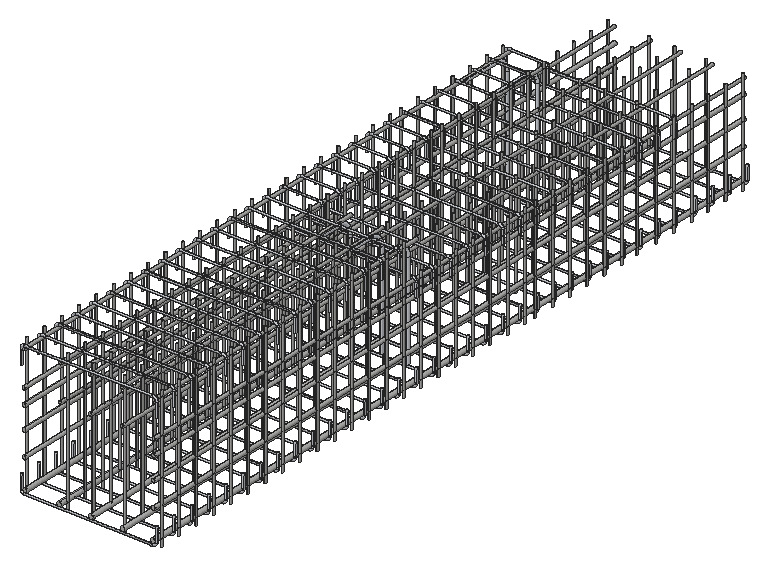
Revit family "261_Каркас пространственный КП4", category Обобщенные модели, Revit 2016 (continued)
Definition of nested family "261_Каркас плоский КР 31"
  Nested families
    nested 12: "361_Арматурная форма 1" at (1545, 500, 0) x (0, 1, 0) z (0, 0, 1), Орг.ИдентификацияЭлемента1 <- "Орг.ИдентификацияЭлемента1", Орг.ИдентификацияЭлемента <- "Орг.ИдентификацияЭлемента", Мрк.МаркаКонструкции <- "Мрк.МаркаКонструкции", Мрк.МаркаИзделия3 <- "Мрк.МаркаИзделия3", Мрк.МаркаИзделия2 <- "Мрк.МаркаИзделия2", Мрк.МаркаИзделия1 <- "Мрк.МаркаИзделия1", Мрк.МаркаИзделия <- "Мрк.МаркаИзделия", Орг.УровеньТекстовый <- "Орг.УровеньТекстовый", Орг.ОбознчТома(Комплекта) <- "Орг.ОбознчТома(Комплекта)", Орг.НомерЛистаЭлемента <- "Орг.НомерЛистаЭлемента", type "Параметрический"
      with Рзм.Длина 970 mm, Рзм.Диаметр 12 mm, Орг.УровеньТекстовый "", Орг.ОбознчТома(Комплекта) "", Орг.НомерЛистаЭлемента "", Орг.ИзделиеТипПодсчета 2, Орг.ИдентификацияЭлемента1 "", Орг.ИдентификацияЭлемента "", Мрк.Обозначение "ГОСТ 5781-82", Мрк.Наименование "Ø12 А240 ГОСТ 5781-82", Мрк.МаркаКонструкции "", Мрк.МаркаИзделия3 "", Мрк.МаркаИзделия2 "", Мрк.МаркаИзделия1 "", Мрк.МаркаИзделия "", Мрк.Марка "5", Арм.РазмерR 0 mm, Арм.РазмерJ 0 mm, Арм.РазмерG 0 mm, Арм.РазмерF 0 mm, Арм.РазмерE 0 mm, Арм.РазмерD 0 mm, Арм.РазмерC 0 mm, Арм.РазмерB 0 mm, Арм.РазмерA 970 mm, Арм.ПогМетрыВкл no, Арм.КоэфНахлеста 1, Арм.Класс 1240
    nested 13: "361_Арматурная форма 1" at (1695, 500, 0) x (0, 1, 0) z (0, 0, 1), Орг.ИдентификацияЭлемента1 <- "Орг.ИдентификацияЭлемента1", Орг.ИдентификацияЭлемента <- "Орг.ИдентификацияЭлемента", Мрк.МаркаКонструкции <- "Мрк.МаркаКонструкции", Мрк.МаркаИзделия3 <- "Мрк.МаркаИзделия3", Мрк.МаркаИзделия2 <- "Мрк.МаркаИзделия2", Мрк.МаркаИзделия1 <- "Мрк.МаркаИзделия1", Мрк.МаркаИзделия <- "Мрк.МаркаИзделия", Орг.УровеньТекстовый <- "Орг.УровеньТекстовый", Орг.ОбознчТома(Комплекта) <- "Орг.ОбознчТома(Комплекта)", Орг.НомерЛистаЭлемента <- "Орг.НомерЛистаЭлемента", type "Параметрический"
      with Рзм.Длина 970 mm, Рзм.Диаметр 12 mm, Орг.УровеньТекстовый "", Орг.ОбознчТома(Комплекта) "", Орг.НомерЛистаЭлемента "", Орг.ИзделиеТипПодсчета 2, Орг.ИдентификацияЭлемента1 "", Орг.ИдентификацияЭлемента "", Мрк.Обозначение "ГОСТ 5781-82", Мрк.Наименование "Ø12 А240 ГОСТ 5781-82", Мрк.МаркаКонструкции "", Мрк.МаркаИзделия3 "", Мрк.МаркаИзделия2 "", Мрк.МаркаИзделия1 "", Мрк.МаркаИзделия "", Мрк.Марка "5", Арм.РазмерR 0 mm, Арм.РазмерJ 0 mm, Арм.РазмерG 0 mm, Арм.РазмерF 0 mm, Арм.РазмерE 0 mm, Арм.РазмерD 0 mm, Арм.РазмерC 0 mm, Арм.РазмерB 0 mm, Арм.РазмерA 970 mm, Арм.ПогМетрыВкл no, Арм.КоэфНахлеста 1, Арм.Класс 1240
    nested 14: "361_Арматурная форма 1" at (1845, 500, 0) x (0, 1, 0) z (0, 0, 1), Орг.ИдентификацияЭлемента1 <- "Орг.ИдентификацияЭлемента1", Орг.ИдентификацияЭлемента <- "Орг.ИдентификацияЭлемента", Мрк.МаркаКонструкции <- "Мрк.МаркаКонструкции", Мрк.МаркаИзделия3 <- "Мрк.МаркаИзделия3", Мрк.МаркаИзделия2 <- "Мрк.МаркаИзделия2", Мрк.МаркаИзделия1 <- "Мрк.МаркаИзделия1", Мрк.МаркаИзделия <- "Мрк.МаркаИзделия", Орг.УровеньТекстовый <- "Орг.УровеньТекстовый", Орг.ОбознчТома(Комплекта) <- "Орг.ОбознчТома(Комплекта)", Орг.НомерЛистаЭлемента <- "Орг.НомерЛистаЭлемента", type "Параметрический"
      with Рзм.Длина 970 mm, Рзм.Диаметр 12 mm, Орг.УровеньТекстовый "", Орг.ОбознчТома(Комплекта) "", Орг.НомерЛистаЭлемента "", Орг.ИзделиеТипПодсчета 2, Орг.ИдентификацияЭлемента1 "", Орг.ИдентификацияЭлемента "", Мрк.Обозначение "ГОСТ 5781-82", Мрк.Наименование "Ø12 А240 ГОСТ 5781-82", Мрк.МаркаКонструкции "", Мрк.МаркаИзделия3 "", Мрк.МаркаИзделия2 "", Мрк.МаркаИзделия1 "", Мрк.МаркаИзделия "", Мрк.Марка "5", Арм.РазмерR 0 mm, Арм.РазмерJ 0 mm, Арм.РазмерG 0 mm, Арм.РазмерF 0 mm, Арм.РазмерE 0 mm, Арм.РазмерD 0 mm, Арм.РазмерC 0 mm, Арм.РазмерB 0 mm, Арм.РазмерA 970 mm, Арм.ПогМетрыВкл no, Арм.КоэфНахлеста 1, Арм.Класс 1240
    nested 15: "361_Арматурная форма 1" at (1995, 500, 0) x (0, 1, 0) z (0, 0, 1), Орг.ИдентификацияЭлемента1 <- "Орг.ИдентификацияЭлемента1", Орг.ИдентификацияЭлемента <- "Орг.ИдентификацияЭлемента", Мрк.МаркаКонструкции <- "Мрк.МаркаКонструкции", Мрк.МаркаИзделия3 <- "Мрк.МаркаИзделия3", Мрк.МаркаИзделия2 <- "Мрк.МаркаИзделия2", Мрк.МаркаИзделия1 <- "Мрк.МаркаИзделия1", Мрк.МаркаИзделия <- "Мрк.МаркаИзделия", Орг.УровеньТекстовый <- "Орг.УровеньТекстовый", Орг.ОбознчТома(Комплекта) <- "Орг.ОбознчТома(Комплекта)", Орг.НомерЛистаЭлемента <- "Орг.НомерЛистаЭлемента", type "Параметрический"
      with Рзм.Длина 970 mm, Рзм.Диаметр 12 mm, Орг.УровеньТекстовый "", Орг.ОбознчТома(Комплекта) "", Орг.НомерЛистаЭлемента "", Орг.ИзделиеТипПодсчета 2, Орг.ИдентификацияЭлемента1 "", Орг.ИдентификацияЭлемента "", Мрк.Обозначение "ГОСТ 5781-82", Мрк.Наименование "Ø12 А240 ГОСТ 5781-82", Мрк.МаркаКонструкции "", Мрк.МаркаИзделия3 "", Мрк.МаркаИзделия2 "", Мрк.МаркаИзделия1 "", Мрк.МаркаИзделия "", Мрк.Марка "5", Арм.РазмерR 0 mm, Арм.РазмерJ 0 mm, Арм.РазмерG 0 mm, Арм.РазмерF 0 mm, Арм.РазмерE 0 mm, Арм.РазмерD 0 mm, Арм.РазмерC 0 mm, Арм.РазмерB 0 mm, Арм.РазмерA 970 mm, Арм.ПогМетрыВкл no, Арм.КоэфНахлеста 1, Арм.Класс 1240
    nested 16: "361_Арматурная форма 1" at (2145, 500, 0) x (0, 1, 0) z (0, 0, 1), Орг.ИдентификацияЭлемента1 <- "Орг.ИдентификацияЭлемента1", Орг.ИдентификацияЭлемента <- "Орг.ИдентификацияЭлемента", Мрк.МаркаКонструкции <- "Мрк.МаркаКонструкции", Мрк.МаркаИзделия3 <- "Мрк.МаркаИзделия3", Мрк.МаркаИзделия2 <- "Мрк.МаркаИзделия2", Мрк.МаркаИзделия1 <- "Мрк.МаркаИзделия1", Мрк.МаркаИзделия <- "Мрк.МаркаИзделия", Орг.УровеньТекстовый <- "Орг.УровеньТекстовый", Орг.ОбознчТома(Комплекта) <- "Орг.ОбознчТома(Комплекта)", Орг.НомерЛистаЭлемента <- "Орг.НомерЛистаЭлемента", type "Параметрический"
      with Рзм.Длина 970 mm, Рзм.Диаметр 12 mm, Орг.УровеньТекстовый "", Орг.ОбознчТома(Комплекта) "", Орг.НомерЛистаЭлемента "", Орг.ИзделиеТипПодсчета 2, Орг.ИдентификацияЭлемента1 "", Орг.ИдентификацияЭлемента "", Мрк.Обозначение "ГОСТ 5781-82", Мрк.Наименование "Ø12 А240 ГОСТ 5781-82", Мрк.МаркаКонструкции "", Мрк.МаркаИзделия3 "", Мрк.МаркаИзделия2 "", Мрк.МаркаИзделия1 "", Мрк.МаркаИзделия "", Мрк.Марка "5", Арм.РазмерR 0 mm, Арм.РазмерJ 0 mm, Арм.РазмерG 0 mm, Арм.РазмерF 0 mm, Арм.РазмерE 0 mm, Арм.РазмерD 0 mm, Арм.РазмерC 0 mm, Арм.РазмерB 0 mm, Арм.РазмерA 970 mm, Арм.ПогМетрыВкл no, Арм.КоэфНахлеста 1, Арм.Класс 1240
    nested 17: "361_Арматурная форма 1" at (2295, 377.5, 0) x (0, 1, 0) z (0, 0, 1), Орг.ИдентификацияЭлемента1 <- "Орг.ИдентификацияЭлемента1", Орг.ИдентификацияЭлемента <- "Орг.ИдентификацияЭлемента", Мрк.МаркаКонструкции <- "Мрк.МаркаКонструкции", Мрк.МаркаИзделия3 <- "Мрк.МаркаИзделия3", Мрк.МаркаИзделия2 <- "Мрк.МаркаИзделия2", Мрк.МаркаИзделия1 <- "Мрк.МаркаИзделия1", Мрк.МаркаИзделия <- "Мрк.МаркаИзделия", Орг.УровеньТекстовый <- "Орг.УровеньТекстовый", Орг.ОбознчТома(Комплекта) <- "Орг.ОбознчТома(Комплекта)", Орг.НомерЛистаЭлемента <- "Орг.НомерЛистаЭлемента", type "Параметрический"
      with Рзм.Длина 725 mm, Рзм.Диаметр 12 mm, Орг.УровеньТекстовый "", Орг.ОбознчТома(Комплекта) "", Орг.НомерЛистаЭлемента "", Орг.ИзделиеТипПодсчета 2, Орг.ИдентификацияЭлемента1 "", Орг.ИдентификацияЭлемента "", Мрк.Обозначение "ГОСТ 5781-82", Мрк.Наименование "Ø12 А240 ГОСТ 5781-82", Мрк.МаркаКонструкции "", Мрк.МаркаИзделия3 "", Мрк.МаркаИзделия2 "", Мрк.МаркаИзделия1 "", Мрк.МаркаИзделия "", Мрк.Марка "6", Арм.РазмерR 0 mm, Арм.РазмерJ 0 mm, Арм.РазмерG 0 mm, Арм.РазмерF 0 mm, Арм.РазмерE 0 mm, Арм.РазмерD 0 mm, Арм.РазмерC 0 mm, Арм.РазмерB 0 mm, Арм.РазмерA 725 mm, Арм.ПогМетрыВкл no, Арм.КоэфНахлеста 1, Арм.Класс 1240
    nested 18: "361_Арматурная форма 1" at (2445, 377.5, 0) x (0, 1, 0) z (0, 0, 1), Орг.ИдентификацияЭлемента1 <- "Орг.ИдентификацияЭлемента1", Орг.ИдентификацияЭлемента <- "Орг.ИдентификацияЭлемента", Мрк.МаркаКонструкции <- "Мрк.МаркаКонструкции", Мрк.МаркаИзделия3 <- "Мрк.МаркаИзделия3", Мрк.МаркаИзделия2 <- "Мрк.МаркаИзделия2", Мрк.МаркаИзделия1 <- "Мрк.МаркаИзделия1", Мрк.МаркаИзделия <- "Мрк.МаркаИзделия", Орг.УровеньТекстовый <- "Орг.УровеньТекстовый", Орг.ОбознчТома(Комплекта) <- "Орг.ОбознчТома(Комплекта)", Орг.НомерЛистаЭлемента <- "Орг.НомерЛистаЭлемента", type "Параметрический"
      with Рзм.Длина 725 mm, Рзм.Диаметр 12 mm, Орг.УровеньТекстовый "", Орг.ОбознчТома(Комплекта) "", Орг.НомерЛистаЭлемента "", Орг.ИзделиеТипПодсчета 2, Орг.ИдентификацияЭлемента1 "", Орг.ИдентификацияЭлемента "", Мрк.Обозначение "ГОСТ 5781-82", Мрк.Наименование "Ø12 А240 ГОСТ 5781-82", Мрк.МаркаКонструкции "", Мрк.МаркаИзделия3 "", Мрк.МаркаИзделия2 "", Мрк.МаркаИзделия1 "", Мрк.МаркаИзделия "", Мрк.Марка "6", Арм.РазмерR 0 mm, Арм.РазмерJ 0 mm, Арм.РазмерG 0 mm, Арм.РазмерF 0 mm, Арм.РазмерE 0 mm, Арм.РазмерD 0 mm, Арм.РазмерC 0 mm, Арм.РазмерB 0 mm, Арм.РазмерA 725 mm, Арм.ПогМетрыВкл no, Арм.КоэфНахлеста 1, Арм.Класс 1240
    nested 19: "361_Арматурная форма 1" at (2595, 377.5, 0) x (0, 1, 0) z (0, 0, 1), Орг.ИдентификацияЭлемента1 <- "Орг.ИдентификацияЭлемента1", Орг.ИдентификацияЭлемента <- "Орг.ИдентификацияЭлемента", Мрк.МаркаКонструкции <- "Мрк.МаркаКонструкции", Мрк.МаркаИзделия3 <- "Мрк.МаркаИзделия3", Мрк.МаркаИзделия2 <- "Мрк.МаркаИзделия2", Мрк.МаркаИзделия1 <- "Мрк.МаркаИзделия1", Мрк.МаркаИзделия <- "Мрк.МаркаИзделия", Орг.УровеньТекстовый <- "Орг.УровеньТекстовый", Орг.ОбознчТома(Комплекта) <- "Орг.ОбознчТома(Комплекта)", Орг.НомерЛистаЭлемента <- "Орг.НомерЛистаЭлемента", type "Параметрический"
      with Рзм.Длина 725 mm, Рзм.Диаметр 12 mm, Орг.УровеньТекстовый "", Орг.ОбознчТома(Комплекта) "", Орг.НомерЛистаЭлемента "", Орг.ИзделиеТипПодсчета 2, Орг.ИдентификацияЭлемента1 "", Орг.ИдентификацияЭлемента "", Мрк.Обозначение "ГОСТ 5781-82", Мрк.Наименование "Ø12 А240 ГОСТ 5781-82", Мрк.МаркаКонструкции "", Мрк.МаркаИзделия3 "", Мрк.МаркаИзделия2 "", Мрк.МаркаИзделия1 "", Мрк.МаркаИзделия "", Мрк.Марка "6", Арм.РазмерR 0 mm, Арм.РазмерJ 0 mm, Арм.РазмерG 0 mm, Арм.РазмерF 0 mm, Арм.РазмерE 0 mm, Арм.РазмерD 0 mm, Арм.РазмерC 0 mm, Арм.РазмерB 0 mm, Арм.РазмерA 725 mm, Арм.ПогМетрыВкл no, Арм.КоэфНахлеста 1, Арм.Класс 1240
    nested 20: "361_Арматурная форма 1" at (2745, 377.5, 0) x (0, 1, 0) z (0, 0, 1), Орг.ИдентификацияЭлемента1 <- "Орг.ИдентификацияЭлемента1", Орг.ИдентификацияЭлемента <- "Орг.ИдентификацияЭлемента", Мрк.МаркаКонструкции <- "Мрк.МаркаКонструкции", Мрк.МаркаИзделия3 <- "Мрк.МаркаИзделия3", Мрк.МаркаИзделия2 <- "Мрк.МаркаИзделия2", Мрк.МаркаИзделия1 <- "Мрк.МаркаИзделия1", Мрк.МаркаИзделия <- "Мрк.МаркаИзделия", Орг.УровеньТекстовый <- "Орг.УровеньТекстовый", Орг.ОбознчТома(Комплекта) <- "Орг.ОбознчТома(Комплекта)", Орг.НомерЛистаЭлемента <- "Орг.НомерЛистаЭлемента", type "Параметрический"
      with Рзм.Длина 725 mm, Рзм.Диаметр 12 mm, Орг.УровеньТекстовый "", Орг.ОбознчТома(Комплекта) "", Орг.НомерЛистаЭлемента "", Орг.ИзделиеТипПодсчета 2, Орг.ИдентификацияЭлемента1 "", Орг.ИдентификацияЭлемента "", Мрк.Обозначение "ГОСТ 5781-82", Мрк.Наименование "Ø12 А240 ГОСТ 5781-82", Мрк.МаркаКонструкции "", Мрк.МаркаИзделия3 "", Мрк.МаркаИзделия2 "", Мрк.МаркаИзделия1 "", Мрк.МаркаИзделия "", Мрк.Марка "6", Арм.РазмерR 0 mm, Арм.РазмерJ 0 mm, Арм.РазмерG 0 mm, Арм.РазмерF 0 mm, Арм.РазмерE 0 mm, Арм.РазмерD 0 mm, Арм.РазмерC 0 mm, Арм.РазмерB 0 mm, Арм.РазмерA 725 mm, Арм.ПогМетрыВкл no, Арм.КоэфНахлеста 1, Арм.Класс 1240
    nested 21: "361_Арматурная форма 1" at (2895, 377.5, 0) x (0, 1, 0) z (0, 0, 1), Орг.ИдентификацияЭлемента1 <- "Орг.ИдентификацияЭлемента1", Орг.ИдентификацияЭлемента <- "Орг.ИдентификацияЭлемента", Мрк.МаркаКонструкции <- "Мрк.МаркаКонструкции", Мрк.МаркаИзделия3 <- "Мрк.МаркаИзделия3", Мрк.МаркаИзделия2 <- "Мрк.МаркаИзделия2", Мрк.МаркаИзделия1 <- "Мрк.МаркаИзделия1", Мрк.МаркаИзделия <- "Мрк.МаркаИзделия", Орг.УровеньТекстовый <- "Орг.УровеньТекстовый", Орг.ОбознчТома(Комплекта) <- "Орг.ОбознчТома(Комплекта)", Орг.НомерЛистаЭлемента <- "Орг.НомерЛистаЭлемента", type "Параметрический"
      with Рзм.Длина 725 mm, Рзм.Диаметр 12 mm, Орг.УровеньТекстовый "", Орг.ОбознчТома(Комплекта) "", Орг.НомерЛистаЭлемента "", Орг.ИзделиеТипПодсчета 2, Орг.ИдентификацияЭлемента1 "", Орг.ИдентификацияЭлемента "", Мрк.Обозначение "ГОСТ 5781-82", Мрк.Наименование "Ø12 А240 ГОСТ 5781-82", Мрк.МаркаКонструкции "", Мрк.МаркаИзделия3 "", Мрк.МаркаИзделия2 "", Мрк.МаркаИзделия1 "", Мрк.МаркаИзделия "", Мрк.Марка "6", Арм.РазмерR 0 mm, Арм.РазмерJ 0 mm, Арм.РазмерG 0 mm, Арм.РазмерF 0 mm, Арм.РазмерE 0 mm, Арм.РазмерD 0 mm, Арм.РазмерC 0 mm, Арм.РазмерB 0 mm, Арм.РазмерA 725 mm, Арм.ПогМетрыВкл no, Арм.КоэфНахлеста 1, Арм.Класс 1240
    nested 22: "361_Арматурная форма 1" at (3045, 377.5, 0) x (0, 1, 0) z (0, 0, 1), Орг.ИдентификацияЭлемента1 <- "Орг.ИдентификацияЭлемента1", Орг.ИдентификацияЭлемента <- "Орг.ИдентификацияЭлемента", Мрк.МаркаКонструкции <- "Мрк.МаркаКонструкции", Мрк.МаркаИзделия3 <- "Мрк.МаркаИзделия3", Мрк.МаркаИзделия2 <- "Мрк.МаркаИзделия2", Мрк.МаркаИзделия1 <- "Мрк.МаркаИзделия1", Мрк.МаркаИзделия <- "Мрк.МаркаИзделия", Орг.УровеньТекстовый <- "Орг.УровеньТекстовый", Орг.ОбознчТома(Комплекта) <- "Орг.ОбознчТома(Комплекта)", Орг.НомерЛистаЭлемента <- "Орг.НомерЛистаЭлемента", type "Параметрический"
      with Рзм.Длина 725 mm, Рзм.Диаметр 12 mm, Орг.УровеньТекстовый "", Орг.ОбознчТома(Комплекта) "", Орг.НомерЛистаЭлемента "", Орг.ИзделиеТипПодсчета 2, Орг.ИдентификацияЭлемента1 "", Орг.ИдентификацияЭлемента "", Мрк.Обозначение "ГОСТ 5781-82", Мрк.Наименование "Ø12 А240 ГОСТ 5781-82", Мрк.МаркаКонструкции "", Мрк.МаркаИзделия3 "", Мрк.МаркаИзделия2 "", Мрк.МаркаИзделия1 "", Мрк.МаркаИзделия "", Мрк.Марка "6", Арм.РазмерR 0 mm, Арм.РазмерJ 0 mm, Арм.РазмерG 0 mm, Арм.РазмерF 0 mm, Арм.РазмерE 0 mm, Арм.РазмерD 0 mm, Арм.РазмерC 0 mm, Арм.РазмерB 0 mm, Арм.РазмерA 725 mm, Арм.ПогМетрыВкл no, Арм.КоэфНахлеста 1, Арм.Класс 1240
    nested 23: "361_Арматурная форма 1" at (3195, 377.5, 0) x (0, 1, 0) z (0, 0, 1), Орг.ИдентификацияЭлемента1 <- "Орг.ИдентификацияЭлемента1", Орг.ИдентификацияЭлемента <- "Орг.ИдентификацияЭлемента", Мрк.МаркаКонструкции <- "Мрк.МаркаКонструкции", Мрк.МаркаИзделия3 <- "Мрк.МаркаИзделия3", Мрк.МаркаИзделия2 <- "Мрк.МаркаИзделия2", Мрк.МаркаИзделия1 <- "Мрк.МаркаИзделия1", Мрк.МаркаИзделия <- "Мрк.МаркаИзделия", Орг.УровеньТекстовый <- "Орг.УровеньТекстовый", Орг.ОбознчТома(Комплекта) <- "Орг.ОбознчТома(Комплекта)", Орг.НомерЛистаЭлемента <- "Орг.НомерЛистаЭлемента", type "Параметрический"
      with Рзм.Длина 725 mm, Рзм.Диаметр 12 mm, Орг.УровеньТекстовый "", Орг.ОбознчТома(Комплекта) "", Орг.НомерЛистаЭлемента "", Орг.ИзделиеТипПодсчета 2, Орг.ИдентификацияЭлемента1 "", Орг.ИдентификацияЭлемента "", Мрк.Обозначение "ГОСТ 5781-82", Мрк.Наименование "Ø12 А240 ГОСТ 5781-82", Мрк.МаркаКонструкции "", Мрк.МаркаИзделия3 "", Мрк.МаркаИзделия2 "", Мрк.МаркаИзделия1 "", Мрк.МаркаИзделия "", Мрк.Марка "6", Арм.РазмерR 0 mm, Арм.РазмерJ 0 mm, Арм.РазмерG 0 mm, Арм.РазмерF 0 mm, Арм.РазмерE 0 mm, Арм.РазмерD 0 mm, Арм.РазмерC 0 mm, Арм.РазмерB 0 mm, Арм.РазмерA 725 mm, Арм.ПогМетрыВкл no, Арм.КоэфНахлеста 1, Арм.Класс 1240
    nested 24: "361_Арматурная форма 1" at (3285, 377.5, 0) x (0, 1, 0) z (0, 0, 1), Орг.ИдентификацияЭлемента1 <- "Орг.ИдентификацияЭлемента1", Орг.ИдентификацияЭлемента <- "Орг.ИдентификацияЭлемента", Мрк.МаркаКонструкции <- "Мрк.МаркаКонструкции", Мрк.МаркаИзделия3 <- "Мрк.МаркаИзделия3", Мрк.МаркаИзделия2 <- "Мрк.МаркаИзделия2", Мрк.МаркаИзделия1 <- "Мрк.МаркаИзделия1", Мрк.МаркаИзделия <- "Мрк.МаркаИзделия", Орг.УровеньТекстовый <- "Орг.УровеньТекстовый", Орг.ОбознчТома(Комплекта) <- "Орг.ОбознчТома(Комплекта)", Орг.НомерЛистаЭлемента <- "Орг.НомерЛистаЭлемента", type "Параметрический"
      with Рзм.Длина 725 mm, Рзм.Диаметр 12 mm, Орг.УровеньТекстовый "", Орг.ОбознчТома(Комплекта) "", Орг.НомерЛистаЭлемента "", Орг.ИзделиеТипПодсчета 2, Орг.ИдентификацияЭлемента1 "", Орг.ИдентификацияЭлемента "", Мрк.Обозначение "ГОСТ 5781-82", Мрк.Наименование "Ø12 А240 ГОСТ 5781-82", Мрк.МаркаКонструкции "", Мрк.МаркаИзделия3 "", Мрк.МаркаИзделия2 "", Мрк.МаркаИзделия1 "", Мрк.МаркаИзделия "", Мрк.Марка "6", Арм.РазмерR 0 mm, Арм.РазмерJ 0 mm, Арм.РазмерG 0 mm, Арм.РазмерF 0 mm, Арм.РазмерE 0 mm, Арм.РазмерD 0 mm, Арм.РазмерC 0 mm, Арм.РазмерB 0 mm, Арм.РазмерA 725 mm, Арм.ПогМетрыВкл no, Арм.КоэфНахлеста 1, Арм.Класс 1240
    nested 25: "361_Арматурная форма 1" at (3435, 377.5, 0) x (0, 1, 0) z (0, 0, 1), Орг.ИдентификацияЭлемента1 <- "Орг.ИдентификацияЭлемента1", Орг.ИдентификацияЭлемента <- "Орг.ИдентификацияЭлемента", Мрк.МаркаКонструкции <- "Мрк.МаркаКонструкции", Мрк.МаркаИзделия3 <- "Мрк.МаркаИзделия3", Мрк.МаркаИзделия2 <- "Мрк.МаркаИзделия2", Мрк.МаркаИзделия1 <- "Мрк.МаркаИзделия1", Мрк.МаркаИзделия <- "Мрк.МаркаИзделия", Орг.УровеньТекстовый <- "Орг.УровеньТекстовый", Орг.ОбознчТома(Комплекта) <- "Орг.ОбознчТома(Комплекта)", Орг.НомерЛистаЭлемента <- "Орг.НомерЛистаЭлемента", type "Параметрический"
      with Рзм.Длина 725 mm, Рзм.Диаметр 12 mm, Орг.УровеньТекстовый "", Орг.ОбознчТома(Комплекта) "", Орг.НомерЛистаЭлемента "", Орг.ИзделиеТипПодсчета 2, Орг.ИдентификацияЭлемента1 "", Орг.ИдентификацияЭлемента "", Мрк.Обозначение "ГОСТ 5781-82", Мрк.Наименование "Ø12 А240 ГОСТ 5781-82", Мрк.МаркаКонструкции "", Мрк.МаркаИзделия3 "", Мрк.МаркаИзделия2 "", Мрк.МаркаИзделия1 "", Мрк.МаркаИзделия "", Мрк.Марка "6", Арм.РазмерR 0 mm, Арм.РазмерJ 0 mm, Арм.РазмерG 0 mm, Арм.РазмерF 0 mm, Арм.РазмерE 0 mm, Арм.РазмерD 0 mm, Арм.РазмерC 0 mm, Арм.РазмерB 0 mm, Арм.РазмерA 725 mm, Арм.ПогМетрыВкл no, Арм.КоэфНахлеста 1, Арм.Класс 1240
    nested 26: "361_Арматурная форма 1" at (3585, 377.5, 0) x (0, 1, 0) z (0, 0, 1), Орг.ИдентификацияЭлемента1 <- "Орг.ИдентификацияЭлемента1", Орг.ИдентификацияЭлемента <- "Орг.ИдентификацияЭлемента", Мрк.МаркаКонструкции <- "Мрк.МаркаКонструкции", Мрк.МаркаИзделия3 <- "Мрк.МаркаИзделия3", Мрк.МаркаИзделия2 <- "Мрк.МаркаИзделия2", Мрк.МаркаИзделия1 <- "Мрк.МаркаИзделия1", Мрк.МаркаИзделия <- "Мрк.МаркаИзделия", Орг.УровеньТекстовый <- "Орг.УровеньТекстовый", Орг.ОбознчТома(Комплекта) <- "Орг.ОбознчТома(Комплекта)", Орг.НомерЛистаЭлемента <- "Орг.НомерЛистаЭлемента", type "Параметрический"
      with Рзм.Длина 725 mm, Рзм.Диаметр 12 mm, Орг.УровеньТекстовый "", Орг.ОбознчТома(Комплекта) "", Орг.НомерЛистаЭлемента "", Орг.ИзделиеТипПодсчета 2, Орг.ИдентификацияЭлемента1 "", Орг.ИдентификацияЭлемента "", Мрк.Обозначение "ГОСТ 5781-82", Мрк.Наименование "Ø12 А240 ГОСТ 5781-82", Мрк.МаркаКонструкции "", Мрк.МаркаИзделия3 "", Мрк.МаркаИзделия2 "", Мрк.МаркаИзделия1 "", Мрк.МаркаИзделия "", Мрк.Марка "6", Арм.РазмерR 0 mm, Арм.РазмерJ 0 mm, Арм.РазмерG 0 mm, Арм.РазмерF 0 mm, Арм.РазмерE 0 mm, Арм.РазмерD 0 mm, Арм.РазмерC 0 mm, Арм.РазмерB 0 mm, Арм.РазмерA 725 mm, Арм.ПогМетрыВкл no, Арм.КоэфНахлеста 1, Арм.Класс 1240
    nested 27: "361_Арматурная форма 1" at (3735, 377.5, 0) x (0, 1, 0) z (0, 0, 1), Орг.ИдентификацияЭлемента1 <- "Орг.ИдентификацияЭлемента1", Орг.ИдентификацияЭлемента <- "Орг.ИдентификацияЭлемента", Мрк.МаркаКонструкции <- "Мрк.МаркаКонструкции", Мрк.МаркаИзделия3 <- "Мрк.МаркаИзделия3", Мрк.МаркаИзделия2 <- "Мрк.МаркаИзделия2", Мрк.МаркаИзделия1 <- "Мрк.МаркаИзделия1", Мрк.МаркаИзделия <- "Мрк.МаркаИзделия", Орг.УровеньТекстовый <- "Орг.УровеньТекстовый", Орг.ОбознчТома(Комплекта) <- "Орг.ОбознчТома(Комплекта)", Орг.НомерЛистаЭлемента <- "Орг.НомерЛистаЭлемента", type "Параметрический"
      with Рзм.Длина 725 mm, Рзм.Диаметр 12 mm, Орг.УровеньТекстовый "", Орг.ОбознчТома(Комплекта) "", Орг.НомерЛистаЭлемента "", Орг.ИзделиеТипПодсчета 2, Орг.ИдентификацияЭлемента1 "", Орг.ИдентификацияЭлемента "", Мрк.Обозначение "ГОСТ 5781-82", Мрк.Наименование "Ø12 А240 ГОСТ 5781-82", Мрк.МаркаКонструкции "", Мрк.МаркаИзделия3 "", Мрк.МаркаИзделия2 "", Мрк.МаркаИзделия1 "", Мрк.МаркаИзделия "", Мрк.Марка "6", Арм.РазмерR 0 mm, Арм.РазмерJ 0 mm, Арм.РазмерG 0 mm, Арм.РазмерF 0 mm, Арм.РазмерE 0 mm, Арм.РазмерD 0 mm, Арм.РазмерC 0 mm, Арм.РазмерB 0 mm, Арм.РазмерA 725 mm, Арм.ПогМетрыВкл no, Арм.КоэфНахлеста 1, Арм.Класс 1240
    nested 28: "361_Арматурная форма 1" at (3885, 377.5, 0) x (0, 1, 0) z (0, 0, 1), Орг.ИдентификацияЭлемента1 <- "Орг.ИдентификацияЭлемента1", Орг.ИдентификацияЭлемента <- "Орг.ИдентификацияЭлемента", Мрк.МаркаКонструкции <- "Мрк.МаркаКонструкции", Мрк.МаркаИзделия3 <- "Мрк.МаркаИзделия3", Мрк.МаркаИзделия2 <- "Мрк.МаркаИзделия2", Мрк.МаркаИзделия1 <- "Мрк.МаркаИзделия1", Мрк.МаркаИзделия <- "Мрк.МаркаИзделия", Орг.УровеньТекстовый <- "Орг.УровеньТекстовый", Орг.ОбознчТома(Комплекта) <- "Орг.ОбознчТома(Комплекта)", Орг.НомерЛистаЭлемента <- "Орг.НомерЛистаЭлемента", type "Параметрический"
      with Рзм.Длина 725 mm, Рзм.Диаметр 12 mm, Орг.УровеньТекстовый "", Орг.ОбознчТома(Комплекта) "", Орг.НомерЛистаЭлемента "", Орг.ИзделиеТипПодсчета 2, Орг.ИдентификацияЭлемента1 "", Орг.ИдентификацияЭлемента "", Мрк.Обозначение "ГОСТ 5781-82", Мрк.Наименование "Ø12 А240 ГОСТ 5781-82", Мрк.МаркаКонструкции "", Мрк.МаркаИзделия3 "", Мрк.МаркаИзделия2 "", Мрк.МаркаИзделия1 "", Мрк.МаркаИзделия "", Мрк.Марка "6", Арм.РазмерR 0 mm, Арм.РазмерJ 0 mm, Арм.РазмерG 0 mm, Арм.РазмерF 0 mm, Арм.РазмерE 0 mm, Арм.РазмерD 0 mm, Арм.РазмерC 0 mm, Арм.РазмерB 0 mm, Арм.РазмерA 725 mm, Арм.ПогМетрыВкл no, Арм.КоэфНахлеста 1, Арм.Класс 1240
    nested 29: "361_Арматурная форма 1" at (4035, 377.5, 0) x (0, 1, 0) z (0, 0, 1), Орг.ИдентификацияЭлемента1 <- "Орг.ИдентификацияЭлемента1", Орг.ИдентификацияЭлемента <- "Орг.ИдентификацияЭлемента", Мрк.МаркаКонструкции <- "Мрк.МаркаКонструкции", Мрк.МаркаИзделия3 <- "Мрк.МаркаИзделия3", Мрк.МаркаИзделия2 <- "Мрк.МаркаИзделия2", Мрк.МаркаИзделия1 <- "Мрк.МаркаИзделия1", Мрк.МаркаИзделия <- "Мрк.МаркаИзделия", Орг.УровеньТекстовый <- "Орг.УровеньТекстовый", Орг.ОбознчТома(Комплекта) <- "Орг.ОбознчТома(Комплекта)", Орг.НомерЛистаЭлемента <- "Орг.НомерЛистаЭлемента", type "Параметрический"
      with Рзм.Длина 725 mm, Рзм.Диаметр 12 mm, Орг.УровеньТекстовый "", Орг.ОбознчТома(Комплекта) "", Орг.НомерЛистаЭлемента "", Орг.ИзделиеТипПодсчета 2, Орг.ИдентификацияЭлемента1 "", Орг.ИдентификацияЭлемента "", Мрк.Обозначение "ГОСТ 5781-82", Мрк.Наименование "Ø12 А240 ГОСТ 5781-82", Мрк.МаркаКонструкции "", Мрк.МаркаИзделия3 "", Мрк.МаркаИзделия2 "", Мрк.МаркаИзделия1 "", Мрк.МаркаИзделия "", Мрк.Марка "6", Арм.РазмерR 0 mm, Арм.РазмерJ 0 mm, Арм.РазмерG 0 mm, Арм.РазмерF 0 mm, Арм.РазмерE 0 mm, Арм.РазмерD 0 mm, Арм.РазмерC 0 mm, Арм.РазмерB 0 mm, Арм.РазмерA 725 mm, Арм.ПогМетрыВкл no, Арм.КоэфНахлеста 1, Арм.Класс 1240
    nested 30: "361_Арматурная форма 1" at (4170, 377.5, 0) x (0, 1, 0) z (0, 0, 1), Орг.ИдентификацияЭлемента1 <- "Орг.ИдентификацияЭлемента1", Орг.ИдентификацияЭлемента <- "Орг.ИдентификацияЭлемента", Мрк.МаркаКонструкции <- "Мрк.МаркаКонструкции", Мрк.МаркаИзделия3 <- "Мрк.МаркаИзделия3", Мрк.МаркаИзделия2 <- "Мрк.МаркаИзделия2", Мрк.МаркаИзделия1 <- "Мрк.МаркаИзделия1", Мрк.МаркаИзделия <- "Мрк.МаркаИзделия", Орг.УровеньТекстовый <- "Орг.УровеньТекстовый", Орг.ОбознчТома(Комплекта) <- "Орг.ОбознчТома(Комплекта)", Орг.НомерЛистаЭлемента <- "Орг.НомерЛистаЭлемента", type "Параметрический"
      with Рзм.Длина 725 mm, Рзм.Диаметр 12 mm, Орг.УровеньТекстовый "", Орг.ОбознчТома(Комплекта) "", Орг.НомерЛистаЭлемента "", Орг.ИзделиеТипПодсчета 2, Орг.ИдентификацияЭлемента1 "", Орг.ИдентификацияЭлемента "", Мрк.Обозначение "ГОСТ 5781-82", Мрк.Наименование "Ø12 А240 ГОСТ 5781-82", Мрк.МаркаКонструкции "", Мрк.МаркаИзделия3 "", Мрк.МаркаИзделия2 "", Мрк.МаркаИзделия1 "", Мрк.МаркаИзделия "", Мрк.Марка "6", Арм.РазмерR 0 mm, Арм.РазмерJ 0 mm, Арм.РазмерG 0 mm, Арм.РазмерF 0 mm, Арм.РазмерE 0 mm, Арм.РазмерD 0 mm, Арм.РазмерC 0 mm, Арм.РазмерB 0 mm, Арм.РазмерA 725 mm, Арм.ПогМетрыВкл no, Арм.КоэфНахлеста 1, Арм.Класс 1240
    nested 31: "361_Арматурная форма 1" at (4335, 377.5, 0) x (0, 1, 0) z (0, 0, 1), Орг.ИдентификацияЭлемента1 <- "Орг.ИдентификацияЭлемента1", Орг.ИдентификацияЭлемента <- "Орг.ИдентификацияЭлемента", Мрк.МаркаКонструкции <- "Мрк.МаркаКонструкции", Мрк.МаркаИзделия3 <- "Мрк.МаркаИзделия3", Мрк.МаркаИзделия2 <- "Мрк.МаркаИзделия2", Мрк.МаркаИзделия1 <- "Мрк.МаркаИзделия1", Мрк.МаркаИзделия <- "Мрк.МаркаИзделия", Орг.УровеньТекстовый <- "Орг.УровеньТекстовый", Орг.ОбознчТома(Комплекта) <- "Орг.ОбознчТома(Комплекта)", Орг.НомерЛистаЭлемента <- "Орг.НомерЛистаЭлемента", type "Параметрический"
      with Рзм.Длина 725 mm, Рзм.Диаметр 12 mm, Орг.УровеньТекстовый "", Орг.ОбознчТома(Комплекта) "", Орг.НомерЛистаЭлемента "", Орг.ИзделиеТипПодсчета 2, Орг.ИдентификацияЭлемента1 "", Орг.ИдентификацияЭлемента "", Мрк.Обозначение "ГОСТ 5781-82", Мрк.Наименование "Ø12 А240 ГОСТ 5781-82", Мрк.МаркаКонструкции "", Мрк.МаркаИзделия3 "", Мрк.МаркаИзделия2 "", Мрк.МаркаИзделия1 "", Мрк.МаркаИзделия "", Мрк.Марка "6", Арм.РазмерR 0 mm, Арм.РазмерJ 0 mm, Арм.РазмерG 0 mm, Арм.РазмерF 0 mm, Арм.РазмерE 0 mm, Арм.РазмерD 0 mm, Арм.РазмерC 0 mm, Арм.РазмерB 0 mm, Арм.РазмерA 725 mm, Арм.ПогМетрыВкл no, Арм.КоэфНахлеста 1, Арм.Класс 1240
    nested 32: "361_Арматурная форма 1" at (4485, 377.5, 0) x (0, 1, 0) z (0, 0, 1), Орг.ИдентификацияЭлемента1 <- "Орг.ИдентификацияЭлемента1", Орг.ИдентификацияЭлемента <- "Орг.ИдентификацияЭлемента", Мрк.МаркаКонструкции <- "Мрк.МаркаКонструкции", Мрк.МаркаИзделия3 <- "Мрк.МаркаИзделия3", Мрк.МаркаИзделия2 <- "Мрк.МаркаИзделия2", Мрк.МаркаИзделия1 <- "Мрк.МаркаИзделия1", Мрк.МаркаИзделия <- "Мрк.МаркаИзделия", Орг.УровеньТекстовый <- "Орг.УровеньТекстовый", Орг.ОбознчТома(Комплекта) <- "Орг.ОбознчТома(Комплекта)", Орг.НомерЛистаЭлемента <- "Орг.НомерЛистаЭлемента", type "Параметрический"
      with Рзм.Длина 725 mm, Рзм.Диаметр 12 mm, Орг.УровеньТекстовый "", Орг.ОбознчТома(Комплекта) "", Орг.НомерЛистаЭлемента "", Орг.ИзделиеТипПодсчета 2, Орг.ИдентификацияЭлемента1 "", Орг.ИдентификацияЭлемента "", Мрк.Обозначение "ГОСТ 5781-82", Мрк.Наименование "Ø12 А240 ГОСТ 5781-82", Мрк.МаркаКонструкции "", Мрк.МаркаИзделия3 "", Мрк.МаркаИзделия2 "", Мрк.МаркаИзделия1 "", Мрк.МаркаИзделия "", Мрк.Марка "6", Арм.РазмерR 0 mm, Арм.РазмерJ 0 mm, Арм.РазмерG 0 mm, Арм.РазмерF 0 mm, Арм.РазмерE 0 mm, Арм.РазмерD 0 mm, Арм.РазмерC 0 mm, Арм.РазмерB 0 mm, Арм.РазмерA 725 mm, Арм.ПогМетрыВкл no, Арм.КоэфНахлеста 1, Арм.Класс 1240
    nested 33: "361_Арматурная форма 1" at (4645, 377.5, 0) x (0, 1, 0) z (0, 0, 1), Орг.ИдентификацияЭлемента1 <- "Орг.ИдентификацияЭлемента1", Орг.ИдентификацияЭлемента <- "Орг.ИдентификацияЭлемента", Мрк.МаркаКонструкции <- "Мрк.МаркаКонструкции", Мрк.МаркаИзделия3 <- "Мрк.МаркаИзделия3", Мрк.МаркаИзделия2 <- "Мрк.МаркаИзделия2", Мрк.МаркаИзделия1 <- "Мрк.МаркаИзделия1", Мрк.МаркаИзделия <- "Мрк.МаркаИзделия", Орг.УровеньТекстовый <- "Орг.УровеньТекстовый", Орг.ОбознчТома(Комплекта) <- "Орг.ОбознчТома(Комплекта)", Орг.НомерЛистаЭлемента <- "Орг.НомерЛистаЭлемента", type "Параметрический"
      with Рзм.Длина 725 mm, Рзм.Диаметр 12 mm, Орг.УровеньТекстовый "", Орг.ОбознчТома(Комплекта) "", Орг.НомерЛистаЭлемента "", Орг.ИзделиеТипПодсчета 2, Орг.ИдентификацияЭлемента1 "", Орг.ИдентификацияЭлемента "", Мрк.Обозначение "ГОСТ 5781-82", Мрк.Наименование "Ø12 А240 ГОСТ 5781-82", Мрк.МаркаКонструкции "", Мрк.МаркаИзделия3 "", Мрк.МаркаИзделия2 "", Мрк.МаркаИзделия1 "", Мрк.МаркаИзделия "", Мрк.Марка "6", Арм.РазмерR 0 mm, Арм.РазмерJ 0 mm, Арм.РазмерG 0 mm, Арм.РазмерF 0 mm, Арм.РазмерE 0 mm, Арм.РазмерD 0 mm, Арм.РазмерC 0 mm, Арм.РазмерB 0 mm, Арм.РазмерA 725 mm, Арм.ПогМетрыВкл no, Арм.КоэфНахлеста 1, Арм.Класс 1240
    nested 34: "361_Арматурная форма 1" at (4785, 377.5, 0) x (0, 1, 0) z (0, 0, 1), Орг.ИдентификацияЭлемента1 <- "Орг.ИдентификацияЭлемента1", Орг.ИдентификацияЭлемента <- "Орг.ИдентификацияЭлемента", Мрк.МаркаКонструкции <- "Мрк.МаркаКонструкции", Мрк.МаркаИзделия3 <- "Мрк.МаркаИзделия3", Мрк.МаркаИзделия2 <- "Мрк.МаркаИзделия2", Мрк.МаркаИзделия1 <- "Мрк.МаркаИзделия1", Мрк.МаркаИзделия <- "Мрк.МаркаИзделия", Орг.УровеньТекстовый <- "Орг.УровеньТекстовый", Орг.ОбознчТома(Комплекта) <- "Орг.ОбознчТома(Комплекта)", Орг.НомерЛистаЭлемента <- "Орг.НомерЛистаЭлемента", type "Параметрический"
      with Рзм.Длина 725 mm, Рзм.Диаметр 12 mm, Орг.УровеньТекстовый "", Орг.ОбознчТома(Комплекта) "", Орг.НомерЛистаЭлемента "", Орг.ИзделиеТипПодсчета 2, Орг.ИдентификацияЭлемента1 "", Орг.ИдентификацияЭлемента "", Мрк.Обозначение "ГОСТ 5781-82", Мрк.Наименование "Ø12 А240 ГОСТ 5781-82", Мрк.МаркаКонструкции "", Мрк.МаркаИзделия3 "", Мрк.МаркаИзделия2 "", Мрк.МаркаИзделия1 "", Мрк.МаркаИзделия "", Мрк.Марка "6", Арм.РазмерR 0 mm, Арм.РазмерJ 0 mm, Арм.РазмерG 0 mm, Арм.РазмерF 0 mm, Арм.РазмерE 0 mm, Арм.РазмерD 0 mm, Арм.РазмерC 0 mm, Арм.РазмерB 0 mm, Арм.РазмерA 725 mm, Арм.ПогМетрыВкл no, Арм.КоэфНахлеста 1, Арм.Класс 1240
    nested 35: "361_Арматурная форма 1" at (4935, 377.5, 0) x (0, 1, 0) z (0, 0, 1), Орг.ИдентификацияЭлемента1 <- "Орг.ИдентификацияЭлемента1", Орг.ИдентификацияЭлемента <- "Орг.ИдентификацияЭлемента", Мрк.МаркаКонструкции <- "Мрк.МаркаКонструкции", Мрк.МаркаИзделия3 <- "Мрк.МаркаИзделия3", Мрк.МаркаИзделия2 <- "Мрк.МаркаИзделия2", Мрк.МаркаИзделия1 <- "Мрк.МаркаИзделия1", Мрк.МаркаИзделия <- "Мрк.МаркаИзделия", Орг.УровеньТекстовый <- "Орг.УровеньТекстовый", Орг.ОбознчТома(Комплекта) <- "Орг.ОбознчТома(Комплекта)", Орг.НомерЛистаЭлемента <- "Орг.НомерЛистаЭлемента", type "Параметрический"
      with Рзм.Длина 725 mm, Рзм.Диаметр 12 mm, Орг.УровеньТекстовый "", Орг.ОбознчТома(Комплекта) "", Орг.НомерЛистаЭлемента "", Орг.ИзделиеТипПодсчета 2, Орг.ИдентификацияЭлемента1 "", Орг.ИдентификацияЭлемента "", Мрк.Обозначение "ГОСТ 5781-82", Мрк.Наименование "Ø12 А240 ГОСТ 5781-82", Мрк.МаркаКонструкции "", Мрк.МаркаИзделия3 "", Мрк.МаркаИзделия2 "", Мрк.МаркаИзделия1 "", Мрк.МаркаИзделия "", Мрк.Марка "6", Арм.РазмерR 0 mm, Арм.РазмерJ 0 mm, Арм.РазмерG 0 mm, Арм.РазмерF 0 mm, Арм.РазмерE 0 mm, Арм.РазмерD 0 mm, Арм.РазмерC 0 mm, Арм.РазмерB 0 mm, Арм.РазмерA 725 mm, Арм.ПогМетрыВкл no, Арм.КоэфНахлеста 1, Арм.Класс 1240
    nested 36: "361_Арматурная форма 1" at (5085, 377.5, 0) x (0, 1, 0) z (0, 0, 1), Орг.ИдентификацияЭлемента1 <- "Орг.ИдентификацияЭлемента1", Орг.ИдентификацияЭлемента <- "Орг.ИдентификацияЭлемента", Мрк.МаркаКонструкции <- "Мрк.МаркаКонструкции", Мрк.МаркаИзделия3 <- "Мрк.МаркаИзделия3", Мрк.МаркаИзделия2 <- "Мрк.МаркаИзделия2", Мрк.МаркаИзделия1 <- "Мрк.МаркаИзделия1", Мрк.МаркаИзделия <- "Мрк.МаркаИзделия", Орг.УровеньТекстовый <- "Орг.УровеньТекстовый", Орг.ОбознчТома(Комплекта) <- "Орг.ОбознчТома(Комплекта)", Орг.НомерЛистаЭлемента <- "Орг.НомерЛистаЭлемента", type "Параметрический"
      with Рзм.Длина 725 mm, Рзм.Диаметр 12 mm, Орг.УровеньТекстовый "", Орг.ОбознчТома(Комплекта) "", Орг.НомерЛистаЭлемента "", Орг.ИзделиеТипПодсчета 2, Орг.ИдентификацияЭлемента1 "", Орг.ИдентификацияЭлемента "", Мрк.Обозначение "ГОСТ 5781-82", Мрк.Наименование "Ø12 А240 ГОСТ 5781-82", Мрк.МаркаКонструкции "", Мрк.МаркаИзделия3 "", Мрк.МаркаИзделия2 "", Мрк.МаркаИзделия1 "", Мрк.МаркаИзделия "", Мрк.Марка "6", Арм.РазмерR 0 mm, Арм.РазмерJ 0 mm, Арм.РазмерG 0 mm, Арм.РазмерF 0 mm, Арм.РазмерE 0 mm, Арм.РазмерD 0 mm, Арм.РазмерC 0 mm, Арм.РазмерB 0 mm, Арм.РазмерA 725 mm, Арм.ПогМетрыВкл no, Арм.КоэфНахлеста 1, Арм.Класс 1240
    nested 37: "361_Арматурная форма 1" at (1130, 940, 16) x (-1, 0, 0) z (0, 0, 1), Орг.ИдентификацияЭлемента1 <- "Орг.ИдентификацияЭлемента1", Орг.ИдентификацияЭлемента <- "Орг.ИдентификацияЭлемента", Мрк.МаркаКонструкции <- "Мрк.МаркаКонструкции", Мрк.МаркаИзделия3 <- "Мрк.МаркаИзделия3", Мрк.МаркаИзделия2 <- "Мрк.МаркаИзделия2", Мрк.МаркаИзделия1 <- "Мрк.МаркаИзделия1", Мрк.МаркаИзделия <- "Мрк.МаркаИзделия", Орг.УровеньТекстовый <- "Орг.УровеньТекстовый", Орг.ОбознчТома(Комплекта) <- "Орг.ОбознчТома(Комплекта)", Орг.НомерЛистаЭлемента <- "Орг.НомерЛистаЭлемента", type "Параметрический"
      with Рзм.Длина 2260 mm, Рзм.Диаметр 20 mm, Орг.УровеньТекстовый "", Орг.ОбознчТома(Комплекта) "", Орг.НомерЛистаЭлемента "", Орг.ИзделиеТипПодсчета 2, Орг.ИдентификацияЭлемента1 "", Орг.ИдентификацияЭлемента "", Мрк.Обозначение "ГОСТ 5781-82", Мрк.Наименование "Ø20 А240 ГОСТ 5781-82", Мрк.МаркаКонструкции "", Мрк.МаркаИзделия3 "", Мрк.МаркаИзделия2 "", Мрк.МаркаИзделия1 "", Мрк.МаркаИзделия "", Мрк.Марка "4", Арм.РазмерR 0 mm, Арм.РазмерJ 0 mm, Арм.РазмерG 0 mm, Арм.РазмерF 0 mm, Арм.РазмерE 0 mm, Арм.РазмерD 0 mm, Арм.РазмерC 0 mm, Арм.РазмерB 0 mm, Арм.РазмерA 2260 mm, Арм.ПогМетрыВкл no, Арм.КоэфНахлеста 1, Арм.Класс 1240
    nested 38: "361_Арматурная форма 1" at (125, 500, 0) x (-1, 0, 0) z (0, 0, 1), type "Параметрический", not visible
      with Рзм.Длина 4225 mm, Рзм.Диаметр 10 mm, Орг.УровеньТекстовый "", Орг.ОбознчТома(Комплекта) "", Орг.НомерЛистаЭлемента "", Орг.ИзделиеТипПодсчета 1, Орг.ИдентификацияЭлемента1 "", Орг.ИдентификацияЭлемента "", Мрк.Обозначение "ГОСТ 5781-82", Мрк.Наименование "Ø10 А240 ГОСТ 5781-82", Мрк.МаркаКонструкции "", Мрк.МаркаИзделия3 "", Мрк.МаркаИзделия2 "", Мрк.МаркаИзделия1 "", Мрк.МаркаИзделия "", Мрк.Марка "", Арм.РазмерR 0 mm, Арм.РазмерJ 0 mm, Арм.РазмерG 0 mm, Арм.РазмерF 0 mm, Арм.РазмерE 0 mm, Арм.РазмерD 0 mm, Арм.РазмерC 0 mm, Арм.РазмерB 0 mm, Арм.РазмерA 4225 mm, Арм.ПогМетрыВкл no, Арм.КоэфНахлеста 1, Арм.Класс 1240
    nested 39: "361_Арматурная форма 1" at (2560, 695, 16) x (-1, 0, 0) z (0, 0, 1), Орг.ИдентификацияЭлемента1 <- "Орг.ИдентификацияЭлемента1", Орг.ИдентификацияЭлемента <- "Орг.ИдентификацияЭлемента", Мрк.МаркаКонструкции <- "Мрк.МаркаКонструкции", Мрк.МаркаИзделия3 <- "Мрк.МаркаИзделия3", Мрк.МаркаИзделия2 <- "Мрк.МаркаИзделия2", Мрк.МаркаИзделия1 <- "Мрк.МаркаИзделия1", Мрк.МаркаИзделия <- "Мрк.МаркаИзделия", Орг.УровеньТекстовый <- "Орг.УровеньТекстовый", Орг.ОбознчТома(Комплекта) <- "Орг.ОбознчТома(Комплекта)", Орг.НомерЛистаЭлемента <- "Орг.НомерЛистаЭлемента", type "Параметрический"
      with Рзм.Длина 5120 mm, Рзм.Диаметр 20 mm, Орг.УровеньТекстовый "", Орг.ОбознчТома(Комплекта) "", Орг.НомерЛистаЭлемента "", Орг.ИзделиеТипПодсчета 2, Орг.ИдентификацияЭлемента1 "", Орг.ИдентификацияЭлемента "", Мрк.Обозначение "ГОСТ 5781-82", Мрк.Наименование "Ø20 А240 ГОСТ 5781-82", Мрк.МаркаКонструкции "", Мрк.МаркаИзделия3 "", Мрк.МаркаИзделия2 "", Мрк.МаркаИзделия1 "", Мрк.МаркаИзделия "", Мрк.Марка "3", Арм.РазмерR 0 mm, Арм.РазмерJ 0 mm, Арм.РазмерG 0 mm, Арм.РазмерF 0 mm, Арм.РазмерE 0 mm, Арм.РазмерD 0 mm, Арм.РазмерC 0 mm, Арм.РазмерB 0 mm, Арм.РазмерA 5120 mm, Арм.ПогМетрыВкл no, Арм.КоэфНахлеста 1, Арм.Класс 1240
    nested 40: "361_Арматурная форма 1" at (2560, 60, 22) x (-1, 0, 0) z (0, 0, 1), Орг.ИдентификацияЭлемента1 <- "Орг.ИдентификацияЭлемента1", Орг.ИдентификацияЭлемента <- "Орг.ИдентификацияЭлемента", Мрк.МаркаКонструкции <- "Мрк.МаркаКонструкции", Мрк.МаркаИзделия3 <- "Мрк.МаркаИзделия3", Мрк.МаркаИзделия2 <- "Мрк.МаркаИзделия2", Мрк.МаркаИзделия1 <- "Мрк.МаркаИзделия1", Мрк.МаркаИзделия <- "Мрк.МаркаИзделия", Орг.УровеньТекстовый <- "Орг.УровеньТекстовый", Орг.ОбознчТома(Комплекта) <- "Орг.ОбознчТома(Комплекта)", Орг.НомерЛистаЭлемента <- "Орг.НомерЛистаЭлемента", type "Параметрический"
      with Рзм.Длина 5120 mm, Рзм.Диаметр 32 mm, Орг.УровеньТекстовый "", Орг.ОбознчТома(Комплекта) "", Орг.НомерЛистаЭлемента "", Орг.ИзделиеТипПодсчета 2, Орг.ИдентификацияЭлемента1 "", Орг.ИдентификацияЭлемента "", Мрк.Обозначение "ГОСТ 5781-82", Мрк.Наименование "Арматура не специфицирована", Мрк.МаркаКонструкции "", Мрк.МаркаИзделия3 "", Мрк.МаркаИзделия2 "", Мрк.МаркаИзделия1 "", Мрк.МаркаИзделия "", Мрк.Марка "1", Арм.РазмерR 0 mm, Арм.РазмерJ 0 mm, Арм.РазмерG 0 mm, Арм.РазмерF 0 mm, Арм.РазмерE 0 mm, Арм.РазмерD 0 mm, Арм.РазмерC 0 mm, Арм.РазмерB 0 mm, Арм.РазмерA 5120 mm, Арм.ПогМетрыВкл no, Арм.КоэфНахлеста 1, Арм.Класс 1240
  Definition of nested family "361_Арматурная форма 1"
    Parameters (values of type "Параметрический")
      Рзм.Длина [instance] = Арм.РазмерA  # 495 mm
      Рзм.Диаметр [instance] = 10 mm
      Default Elevation = 100 mm
      Орг.УровеньТекстовый [instance] = ""
      Орг.ОбознчТома(Комплекта) [instance] = ""
      Орг.НомерЛистаЭлемента [instance] = ""
      Орг.ИзделиеТипПодсчета [instance] = 1
      Орг.ИдентификацияЭлемента1 [instance] = ""
      Орг.ИдентификацияЭлемента [instance] = ""
      Мсв.Количество = 1  # constant formula
      Мрк.Обозначение [instance] = if(Арм.Класс = 1240, "ГОСТ 5781-82", if(Арм.Класс = 1400, "ГОСТ 5781-82", if(Арм.Класс = 150019, " ГОСТ Р 52544-2006", if(Арм.Класс = 160019, " СТО АСЧМ 7-93", "Арматура не специфицирована"))))  # "ГОСТ 5781-82"
      Мрк.Наименование [instance] = if(and(Арм.Класс = 1240, Рзм.Диаметр = 6 mm), "Ø6 А240 ГОСТ 5781-82", if(and(Арм.Класс = 1240, Рзм.Диаметр = 8 mm), "Ø8 А240 ГОСТ 5781-82", if(and(Арм.Класс = 1240, Рзм.Диаметр = 10 mm), "Ø10 А240 ГОСТ 5781-82", if(and(Арм.Класс = 1240, Рзм.Диаметр = 12 mm), "Ø12 А240 ГОСТ 5781-82", if(and(Арм.Класс = 1240, Рзм.Диаметр = 14 mm), "Ø14 А240 ГОСТ 5781-82", if(and(Арм.Класс = 1240, Рзм.Диаметр = 16 mm), "Ø16 А240 ГОСТ 5781-82", if(and(Арм.Класс = 1240, Рзм.Диаметр = 18 mm), "Ø18 А240 ГОСТ 5781-82", if(and(Арм.Класс = 1240, Рзм.Диаметр = 20 mm), "Ø20 А240 ГОСТ 5781-82", if(and(Арм.Класс = 1400, Рзм.Диаметр = 6 mm), "Ø6 А400 ГОСТ 5781-82", if(and(Арм.Класс = 1400, Рзм.Диаметр = 8 mm), "Ø8 А400 ГОСТ 5781-82", if(and(Арм.Класс = 1400, Рзм.Диаметр = 10 mm), "Ø10 А400 ГОСТ 5781-82", if(and(Арм.Класс = 1400, Рзм.Диаметр = 12 mm), "Ø12 А400 ГОСТ 5781-82", if(and(Арм.Класс = 1400, Рзм.Диаметр = 14 mm), "Ø14 А400 ГОСТ 5781-82", if(and(Арм.Класс = 1400, Рзм.Диаметр = 16 mm), "Ø16 А400 ГОСТ 5781-82", if(and(Арм.Класс = 1400, Рзм.Диаметр = 18 mm), "Ø18 А400 ГОСТ 5781-82", if(and(Арм.Класс = 1400, Рзм.Диаметр = 20 mm), "Ø20 А400 ГОСТ 5781-82", if(and(Арм.Класс = 1400, Рзм.Диаметр = 22 mm), "Ø22 А400 ГОСТ 5781-82", if(and(Арм.Класс = 1400, Рзм.Диаметр = 25 mm), "Ø25 А400 ГОСТ 5781-82", if(and(Арм.Класс = 1400, Рзм.Диаметр = 28 mm), "Ø28 А400 ГОСТ 5781-82", if(and(Арм.Класс = 1400, Рзм.Диаметр = 32 mm), "Ø32 А400 ГОСТ 5781-82", if(and(Арм.Класс = 1400, Рзм.Диаметр = 36 mm), "Ø36 А400 ГОСТ 5781-82", if(and(Арм.Класс = 1400, Рзм.Диаметр = 40 mm), "Ø40 А400 ГОСТ 5781-82", if(and(Арм.Класс = 150019, Рзм.Диаметр = 10 mm), "Ø10 А500С ГОСТ Р 52544-2006", if(and(Арм.Класс = 150019, Рзм.Диаметр = 12 mm), "Ø12 А500С ГОСТ Р 52544-2006", if(and(Арм.Класс = 150019, Рзм.Диаметр = 14 mm), "Ø14 А500С ГОСТ Р 52544-2006", if(and(Арм.Класс = 150019, Рзм.Диаметр = 16 mm), "Ø16 А500С ГОСТ Р 52544-2006", if(and(Арм.Класс = 150019, Рзм.Диаметр = 18 mm), "Ø18 А500С ГОСТ Р 52544-2006", if(and(Арм.Класс = 150019, Рзм.Диаметр = 20 mm), "Ø20 А500С ГОСТ Р 52544-2006", if(and(Арм.Класс = 150019, Рзм.Диаметр = 22 mm), "Ø22 А500С ГОСТ Р 52544-2006", if(and(Арм.Класс = 150019, Рзм.Диаметр = 25 mm), "Ø25 А500С ГОСТ Р 52544-2006", if(and(Арм.Класс = 150019, Рзм.Диаметр = 28 mm), "Ø28 А500С ГОСТ Р 52544-2006", if(and(Арм.Класс = 150019, Рзм.Диаметр = 32 mm), "Ø32 А500С ГОСТ Р 52544-2006", if(and(Арм.Класс = 150019, Рзм.Диаметр = 36 mm), "Ø36 А500С ГОСТ Р 52544-2006", if(and(Арм.Класс = 150019, Рзм.Диаметр = 40 mm), "Ø40 А500С ГОСТ Р 52544-2006", if(and(Арм.Класс = 160019, Рзм.Диаметр = 10 mm), "Ø10 А600С СТО АСЧМ 7-93", if(and(Арм.Класс = 160019, Рзм.Диаметр = 12 mm), "Ø12 А600С СТО АСЧМ 7-93", if(and(Арм.Класс = 160019, Рзм.Диаметр = 14 mm), "Ø14 А600С СТО АСЧМ 7-93", if(and(Арм.Класс = 160019, Рзм.Диаметр = 16 mm), "Ø16 А600С СТО АСЧМ 7-93", if(and(Арм.Класс = 160019, Рзм.Диаметр = 18 mm), "Ø18 А600С СТО АСЧМ 7-93", if(and(Арм.Класс = 160019, Рзм.Диаметр = 20 mm), "Ø20 А600С СТО АСЧМ 7-93", if(and(Арм.Класс = 160019, Рзм.Диаметр = 22 mm), "Ø22 А600С СТО АСЧМ 7-93", if(and(Арм.Класс = 160019, Рзм.Диаметр = 25 mm), "Ø25 А600С СТО АСЧМ 7-93", if(and(Арм.Класс = 160019, Рзм.Диаметр = 28 mm), "Ø28 А600С СТО АСЧМ 7-93", if(and(Арм.Класс = 160019, Рзм.Диаметр = 32 mm), "Ø32 А600С СТО АСЧМ 7-93", if(and(Арм.Класс = 160019, Рзм.Диаметр = 36 mm), "Ø36 А600С СТО АСЧМ 7-93", if(and(Арм.Класс = 160019, Рзм.Диаметр = 40 mm), "Ø40 А600С СТО АСЧМ 7-93", "Арматура не специфицирована"))))))))))))))))))))))))))))))))))))))))))))))  # "Ø10 А240 ГОСТ 5781-82"
      Мрк.МаркаКонструкции [instance] = ""
      Мрк.МаркаИзделия3 [instance] = ""
      Мрк.МаркаИзделия2 [instance] = ""
      Мрк.МаркаИзделия1 [instance] = ""
      Мрк.МаркаИзделия [instance] = ""
      Мрк.Марка [instance] = ""
      Type Comments = ""
      Арм.РазмерR [instance] = 0 mm
      Арм.РазмерJ [instance] = 0 mm
      Арм.РазмерG [instance] = 0 mm
      Арм.РазмерF [instance] = 0 mm
      Арм.РазмерE [instance] = 0 mm
      Арм.РазмерD [instance] = 0 mm
      Арм.РазмерC [instance] = 0 mm
      Арм.РазмерB [instance] = 0 mm
      Арм.РазмерA [instance] = 495 mm
      Арм.ПогМетрыВкл [instance] = no
      Арм.КоэфНахлеста [instance] = 1
      Арм.Класс [instance] = 1240
      Арм.ВыполненаСемейством = 1 = 1  # yes
    Reference planes
      plane 1 "Вперед/Назад": y = 0
      plane 2 "Опорный уровень": z = 0
      plane 3: x = 0
      plane 4 "Правая": x = 247.5
      plane 5 "Левая": x = -247.5
    Forms (mm)
      Sweep 1, solid, detail levels medium+fine
        path origin (0, 0, 0) x (1, 0, 0) y (0, 1, 0)
          loop
            line (-247.5, 0) -> (247.5, 0)
        profile origin (0, 0, 0) x (0, 1, 0) y (0, 0, 1)
          loop
            circle (0, 0) r 5
    Dimensions and locks
      "Арм.РазмерA": plane 5 "Левая" to plane 4 "Правая"
      equal spacing: plane 5 "Левая", plane 3, plane 4 "Правая"
      "Рзм.Диаметр": diameter of Sweep 1 sketch curve
      aligned and locked: plane 4 "Правая" to Sweep 1 sketch curve
      aligned and locked: plane 1 "Вперед/Назад" to Sweep 1 sketch curve
      aligned and locked: plane 5 "Левая" to Sweep 1 sketch curve
    Automatic sketch dimensions
      Sweep 1 sketch curve to level = 0 mm
      Sweep 1 sketch curve to profile plane = 0 mm
    Nested families
      nested 1: "Разрез сетржня" at (0, 0, 0) x (0, -1, 0) z (1, 0, 0), type "Разрез сетржня", detail levels medium+fine
        with Диаметр 10 mm
    Definition of nested family "Разрез сетржня"
      Parameters (values of type "Разрез сетржня")
        Диаметр = 600 mm
      Reference planes
        plane 1 "По центру (Вперед/Назад)": y = 0
        plane 2: z = 0
        plane 3 "По центру (Влево/Вправо)": x = 0
      Lines and regions (mm)
        Filled region 1, type "Сплошная заливка - Черный", in view "Опорный уровень"
          outline origin (0, 0, 0) x (1, 0, 0) y (0, 1, 0)
            loop
              circle (0, 0) r 300
        detail lines, in view "Опорный уровень"
          curve 1: circle (0, 0, 0) r 300 normal (0, 0, 1)
      Dimensions and locks
        "Диаметр": diameter of curve 1
        aligned and locked: Filled region 1 sketch curve to curve 1
      Automatic sketch dimensions
        plane 1 "По центру (Вперед/Назад)" to curve 1 = 0 mm
        curve 1 to plane 3 "По центру (Влево/Вправо)" = 0 mm
  Definition of nested family "361_Арматурная форма 2"
    Parameters (values of type "Параметрический")
      Рзм.РасчетныйРадиус [instance] = Арм.РазмерR + Рзм.Диаметр / 2  # 105 mm
      Рзм.Длина [instance] = Арм.РазмерA + Арм.РазмерB - 2 * (Арм.РазмерR * tan(90.00° / 2)) + ((Арм.РазмерR * pi() * 90.00°) / 180.00°)  # 972.08 mm
      Рзм.Диаметр [instance] = 10 mm
      Default Elevation = 1219.2 mm
      Орг.УровеньТекстовый [instance] = ""
      Орг.ОбознчТома(Комплекта) [instance] = ""
      Орг.НомерЛистаЭлемента [instance] = ""
      Орг.ИзделиеТипПодсчета [instance] = 0
      Орг.ИдентификацияЭлемента2 [instance] = ""
      Орг.ИдентификацияЭлемента1 [instance] = ""
      Орг.ИдентификацияЭлемента [instance] = ""
      Мсв.Количество [instance] = 1  # constant formula
      Мрк.Обозначение [instance] = if(Арм.Класс = 1240, "ГОСТ 5781-82", if(Арм.Класс = 1400, "ГОСТ 5781-82", if(Арм.Класс = 150019, " ГОСТ Р 52544-2006", if(Арм.Класс = 160019, " СТО АСЧМ 7-93", "Арматура не специфицирована"))))  # "ГОСТ 5781-82"
